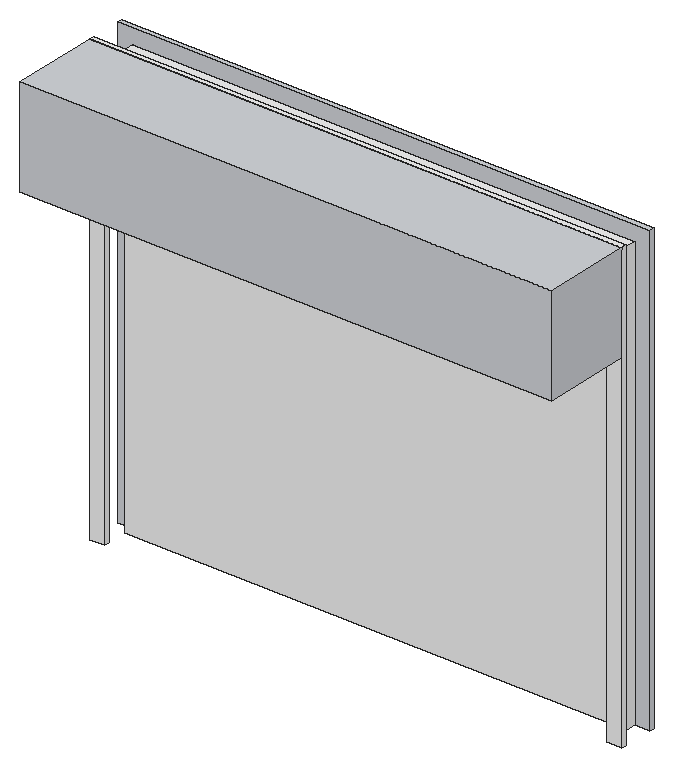
Revit family
Parameters (values of type "2550 x 2200 mm")
  프레임 투영 외부 = 25 mm
  프레임 투영 내부 = 25 mm
  프레임 폭 = 75 mm
  Function = (empty or 0)
  Assembly Code = ""
  Height = 2200 mm
  Wall Closure = (empty or 0)
  Width = 2550 mm
Reference planes
  plane 1: y = -50
  plane 2 "중심(왼쪽/오른쪽)": x = 0
  plane 3 "좌측면": x = -1275
  plane 4 "오른쪽": x = 1275
  plane 5: z = 2200
  plane 6 "외부": y = 25
  plane 7 "내부": y = -125
Forms (mm)
  Extrusion 1, solid, material "구릴"
    sketch origin (-3050, -125, 0) x (1, 0, 0) y (0, 0, 1)
      loop
        line (1700, 0) -> (1775, 0) -> (1775, 2200) -> (4325, 2200) -> (4325, 0) -> (4400, 0) -> (4400, 2275) -> (1700, 2275) -> (1700, 0)
    from 0 to 25
  Extrusion 2, solid
    sketch origin (-3050, 25, 0) x (-1, 0, 0) y (0, 0, 1)
      loop
        line (-1775, 0) -> (-1700, 0) -> (-1700, 2275) -> (-4400, 2275) -> (-4400, 0) -> (-4325, 0) -> (-4325, 2200) -> (-1775, 2200) -> (-1775, 0)
    from 0 to 25
  Extrusion 3, solid, material "구릴"
    sketch origin (0, 25, 0) x (1, 0, 0) y (0, 0, 1)
      loop
        line (1275, 0) -> (1275, 2200) -> (-1275, 2200) -> (-1275, 0) -> (1275, 0)
    from 0 to 50
  Extrusion 4, solid
    sketch origin (0, -125, 0) x (1, 0, 0) y (0, 0, 1)
      loop
        line (-1350, 2275) -> (-1350, 1775) -> (1350, 1775) -> (1350, 2275) -> (-1350, 2275)
    from 0 to 470
Lines and regions (mm)
  Opening 1
    outline origin (-3050, -125, 0) x (1, 0, 0) y (0, 0, 1)
      loop
        line (1775, 0) -> (4325, 0) -> (4325, 2200) -> (1775, 2200) -> (1775, 0)
  symbolic lines, style "입면도 스윙"
    curve 1: line (1275, -125, 0) -> (0, -125, 2200)
    curve 2: line (0, 25, 2200) -> (-1275, 25, 0)
  symbolic lines
    curve 3: line (-1275, 25, 0) -> (-675, 25, 0)
    curve 4: line (-1275, 25, 0) -> (-1275, 495, 0)
    curve 5: line (-1275, 495, 0) -> (1275, 495, 0)
    curve 6: line (1275, 495, 0) -> (1275, 25, 0)
    curve 7: line (1275, 25, 0) -> (-1275, 25, 0)
Text (mm)
  text "외부" at (-2295.016, 1099.543, 0), in view "참조 레벨"
  text "외부" at (0, 1615.38, 3698.081), in view "좌측면"
  text "외부" at (0, 1036.032, 3874.932), in view "오른쪽"
Dimensions and locks
  equal spacing: plane 3 "좌측면", plane 2 "중심(왼쪽/오른쪽)", plane 4 "오른쪽"
  "Width": plane 3 "좌측면" to plane 4 "오른쪽"
  "Height": plane 5 to host wall
  equal spacing: host wall, curve 1, plane 5
  equal spacing: host wall, curve 2, plane 5
  "프레임 투영 외부": Extrusion 2 to Extrusion 2
  "프레임 투영 내부": Extrusion 1 to Extrusion 1
  "프레임 폭": plane 3 "좌측면" to Extrusion 1 sketch curve
  "프레임 폭": plane 4 "오른쪽" to Extrusion 1 sketch curve
  "프레임 폭": Extrusion 1 sketch curve to plane 5
  "프레임 폭": plane 4 "오른쪽" to Extrusion 2 sketch curve
  "프레임 폭": plane 3 "좌측면" to Extrusion 2 sketch curve
  "프레임 폭": plane 5 to Extrusion 2 sketch curve
  locked: plane 6 "외부" to host wall at 0
  locked: plane 7 "내부" to host wall
  Extrusion 2 to Extrusion 3 = 50 mm
  curve 5 to Extrusion 3 = 470 mm
  aligned and locked: plane 3 "좌측면" to Opening 1 sketch curve
  aligned and locked: plane 5 to Opening 1 sketch curve  (x2)
  aligned and locked: Opening 1 sketch curve to plane 4 "오른쪽"
  aligned and locked: Opening 1 sketch curve to level
  aligned and locked: level to Extrusion 1 sketch curve
  aligned and locked: plane 5 to Extrusion 1 sketch curve  (x2)
  aligned and locked: Extrusion 1 sketch curve to plane 4 "오른쪽"
  aligned and locked: plane 3 "좌측면" to Extrusion 1 sketch curve
  aligned and locked: plane 3 "좌측면" to Extrusion 2 sketch curve
  aligned and locked: plane 5 to Extrusion 2 sketch curve  (x2)
  aligned and locked: level to Extrusion 2 sketch curve
  aligned and locked: plane 1 to host wall
  aligned and locked: host wall to Extrusion 3
Automatic sketch dimensions
  Extrusion 2 sketch curve to plane 4 "오른쪽" = 0 mm
  Extrusion 1 sketch curve to level = 0 mm
  Extrusion 2 sketch curve to level = 0 mm
  Extrusion 3 sketch curve to level = 0 mm
  Extrusion 3 sketch curve to plane 3 "좌측면" = 0 mm
  Extrusion 3 sketch curve to plane 4 "오른쪽" = 0 mm
  Extrusion 3 sketch curve to plane 5 = 0 mm
  curve 7 to plane 3 "좌측면" = 0 mm
  curve 6 to host wall = 0 mm
  curve 6 to plane 4 "오른쪽" = 0 mm
  curve 3 to plane 3 "좌측면" = 600 mm
  curve 1 to plane 2 "중심(왼쪽/오른쪽)" = 0 mm
  curve 1 to plane 5 = 0 mm
  curve 2 to plane 2 "중심(왼쪽/오른쪽)" = 0 mm
  curve 2 to plane 5 = 0 mm
  curve 2 to level = 0 mm
  curve 1 to level = 0 mm
  curve 2 to plane 3 "좌측면" = 0 mm
  curve 1 to plane 4 "오른쪽" = 0 mm
  plane 3 "좌측면" to Extrusion 4 sketch curve = 75 mm
  Extrusion 4 sketch curve to plane 4 "오른쪽" = 75 mm
  plane 5 to Extrusion 4 sketch curve = 425 mm
  Extrusion 4 sketch curve to plane 5 = 75 mm
